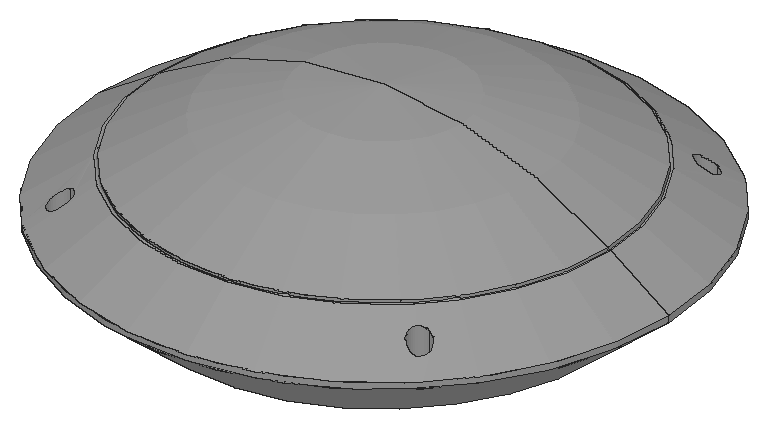
Revit family "0049287+0049343", category Lighting Fixtures, host Face, Revit 2017
Family settings
  Host = Face
  Round Connector Dimension = Use Diameter
  Part Type = Normal
  OmniClass Number = 23.80.70.00
  OmniClass Title = Lighting
  Cut with Voids When Loaded = No
  Light Source = Yes
  Shared = No
  Room Calculation Point = No
Parameters (values of type "0049287 START Surface IP66 1100lm 840 WHT")
  Weight = "4.68 kg"
  Wattage Comments = ""
  Wattage = 12 W
  WarrantyStartDate [instance] = "n/a"
  WarrantyGuarantorParts = "n/a"
  WarrantyDurationUnit = "n/a"
  WarrantyDurationParts = "n/a"
  WarrantyDescription = "n/a"
  built-in parameter 1150110 = 1 (stored number, unit not read)
  Voltage = 0 V
  URL = "http://www.sylvania-lighting.com"
  TypeName = "START Surface IP66 1100lm 840 IK10 WHT"
  Type Image = <None>
  Type Comments = "n/a"
  built-in parameter 1114217 = 1 (stored number, unit not read)
  Tilt Angle = -90.00°
  built-in parameter 1150109 = 1 (stored number, unit not read)
  built-in parameter 1150134 = 12
  built-in parameter 1150113 = 1 (stored number, unit not read)
  SerialNumber [instance] = "n/a"
  Photometric Web File = "0049287.ies"
  Material_3_SYL = LED-Sylvania-StartSurfaceIP66
  PowerFactor = 0
  PowerConsumption = "12 W"
  NominalLength = 300 mm
  NominalHeight = 90 mm
  NominalDepth = 300 mm
  Name = "START Surface IP66 1100lm 840 IK10 WHT"
  ModelReference = Name  # "START Surface IP66 1100lm 840 IK10 WHT"
  ModelNumber = "0049287"
  Model = Name  # "START Surface IP66 1100lm 840 IK10 WHT"
  Material = "pc polycarbonate housing, pc polycarbonate diffuser"
  ManufacturerName = "Feilo Sylvania"
  Manufacturer = "Feilo Sylvania"
  LuminousEfficacy = "92 lm/W"
  built-in parameter 1150105 = 87.854 (stored number, unit not read)
  Lumens = 1104 lm
  LuminaireType = ""
  built-in parameter 1150115 = 1 (stored number, unit not read)
  LightOutputRatio = "n/a"
  built-in parameter 1150137 = (empty or 0)
  built-in parameter 1150139 = (empty or 0)
  LampsType = Lamp  # "LED"
  LampNominalLuminous = "1100 lm"
  LampMacAdamStep = "n/a"
  LampColourTemperature = "4000 K"
  LampColourRenderingIndex = "80"
  built-in parameter 1150112 = 1 (stored number, unit not read)
  built-in parameter 1150114 = 1 (stored number, unit not read)
  Lamp = "LED"
  Keynote = "16500"
  InstallationDate [instance] = "n/a"
  InputVoltage = "220-240 V AC"
  InputNominalFrequency = "50/60 Hz"
  built-in parameter 1150132 = (empty or 0)
  built-in parameter 1150102 = (empty or 0)
  built-in parameter 1150107 = 4000 (stored number, unit not read)
  built-in parameter 1150138 = (empty or 0)
  IngressProtection = "IP66"
  ImpactProtectionIndex = "IK10"
  built-in parameter 1150106 = 0.87854 (stored number, unit not read)
  IfcExportType = "IfcLightFixtureType"
  IfcExportAs = "IfcLightFixtureType"
  HoleRad_SYL = 134 mm
  HoleHoleRad_SYL = 6 mm
  HoleAngle_SYL = 45.00°
  Eyelid_SYL = no
  ExpectedLife = 50000
  Emit from Circle Diameter = 200 mm
  Emit Shape Visible in Rendering = no
  ElectricShockClassification = "Class II"
  built-in parameter 1150104 = 8.5471 (stored number, unit not read)
  DurationUnit = "hours"
  DocumentationLiterature = "http://www.sylvania-lighting.com/product/en-int/products/0049287"
  DimmingControlOptions = "n/a"
  Material_2_SYL = Diffuser-Sylvania-StartSurfaceIP66
  Dimming Lamp Color Temperature Shift = <None>
  Description = "LED exterior surface mounted luminaire, 1100lm, 12W power consumption, 92lm/W efficacy, 4000K color temperature, CRI80, non-dimmable, IP66, IK10, 50,000 hours (L70), white housing, vandal resistant"
  Default Elevation = 1219.2 mm
  CreatedOn = "7/17/2019"
  CreatedBy = "@sylvania-lighting.com"
  Cost = 0
  Color Filter = 16777215
  built-in parameter 1114216 [instance] = (empty or 0)
  ClassificationValue = "EF_70_80"
  ClassificationName = "Uniclass2015"
  Material_1_SYL = Body-Sylvania-StartSurfaceIP66-White
  BarCode [instance] = "n/a"
  built-in parameter 1114218 = 1 (stored number, unit not read)
  built-in parameter 1150133 = 10 (stored number, unit not read)
  AssetType = "Fixed"
  AssetIdentifier [instance] = "n/a"
  Assembly Code = "D5020200"
  Apparent Load = 12 VA
Types (2, lengths in mm): name | Photometric Web File | Eyelid_SYL
  0049287 START Surface IP66 1100lm 840 WHT | "0049287.ies" | no
  0049287+0049343 START Surface IP66 1100lm 840 WHT + Eyelid | "0049287+0049343.ies" | yes
Reference planes
  plane 1 "Center (Front/Back)": y = 0
  plane 2: z = 0
  plane 3 "Center (Left/Right)": x = 0
  plane 4: x = 150
  plane 5: x = -150
  plane 6: z = 90
  plane 7: z = 30
  plane 8: z = 54
  plane 9: x = -113
  plane 10: x = 113
  plane 11: x = -118
  plane 12: z = 33
  plane 13: z = 51
  plane 14: z = 87
  plane 15: z = 92
  plane 16: x = -148
  plane 17: y = -13
Forms (mm)
  Revolve 1, solid, material "Diffuser-Sylvania-StartSurfaceIP66" <- "Material_2_SYL"
    sketch origin (0, 0, 0) x (1, 0, 0) y (0, 0, 1)
      loop
        arc (0, 90) -> (-61.685, 80.8) -> (-118, 54) r 211.389
        line (-118, 54) -> (-118, 51) -> (-117.081, 51)
        arc (-117.081, 51) -> (-61.245, 77.797) -> (0, 87) r 208.389
        line (0, 87) -> (0, 90)
      axis (0, 90) -> (0, 51)
    angle from 360 to 0
  Revolve 2, solid, material "Body-Sylvania-StartSurfaceIP66-White" <- "Material_1_SYL"
    sketch origin (0, 0, 0) x (1, 0, 0) y (0, 0, 1)
      loop
        line (0, 0) -> (0, 33) -> (-118, 33) -> (-118, 52.116)
        arc (-118, 52.116) -> (-118.529, 53.009) -> (-119.566, 52.973) r 1.017
        line (-119.566, 52.973) -> (-150, 33) -> (-150, 30) -> (-113, 0) -> (0, 0)
      axis (0, 52.973) -> (0, 0)
    angle from 360 to 0
  Extrusion 3, void
    sketch origin (-1534.635, -4572, 33) x (0, -1, 0) y (-1, 0, 0)
      loop
        circle (-4666.752, -1439.882) r 6
      loop
        circle (-4666.752, -1629.387) r 6
      loop
        circle (-4477.248, -1439.882) r 6
      loop
        circle (-4477.248, -1629.387) r 6
    from -18 to 0
  Revolve 4, solid, material "Body-Sylvania-StartSurfaceIP66-White" <- "Material_1_SYL", visible <- "Eyelid_SYL"
    sketch origin (0, 0, 0) x (1, 0, 0) y (0, 0, 1)
      loop
        line (0, 90) -> (0, 92)
        arc (0, 92) -> (-79.423, 77.068) -> (-148, 34.313) r 218.694
        line (-148, 34.313) -> (-118, 54)
        arc (-118, 54) -> (-61.685, 80.8) -> (0, 90) r 211.389
      axis (0, 92) -> (0, 34.313)
    angle from 360 to 0
  Extrusion 5, void
    sketch origin (-1534.635, -4572, 33) x (0, -1, 0) y (-1, 0, 0)
      loop
        line (-4367.393, -1384.635) -> (-4559, -1384.635)
        arc (-4559, -1384.635) -> (-4572, -1534.635) -> (-4559, -1684.635) r 871.885
        line (-4559, -1684.635) -> (-4367.393, -1684.635) -> (-4367.393, -1384.635)
    from -82.978 to 19.568
Cuts and joins
  Extrusion 3 cuts Revolve 2
  Extrusion 3, Extrusion 5 cuts Revolve 4
Lines and regions (mm)
  reference lines
    curve 1: line (-150, 0, 33) -> (-118, 0, 54)
    curve 2: circle (0, 0, 0) r 134 normal (0, 0, 1)
    curve 3: line (0, 0, 0) -> (-94.752, 94.752, 0)
    curve 4: line (0, 0, 0) -> (94.752, 94.752, 0)
    curve 5: line (0, 0, 0) -> (-94.752, -94.752, 0)
    curve 6: line (0, 0, 0) -> (94.752, -94.752, 0)
Dimensions and locks
  locked: plane 6 to plane 2 at 90
  plane 8 to plane 7 to plane 2 = 24 mm locked, 30 mm locked
  equal spacing: plane 4, plane 3 "Center (Left/Right)", plane 5
  locked: plane 4 to plane 5 at 300
  equal spacing: plane 10, plane 3 "Center (Left/Right)", plane 9
  locked: plane 9 to plane 5 at 37
  locked: plane 9 to plane 11 at 5
  locked: plane 12 to plane 7 at 3
  locked: plane 8 to plane 13 at 3
  locked: plane 6 to plane 14 at 3
  locked: plane 15 to plane 6 at 2
  locked: plane 16 to plane 5 at 2
  locked: plane 17 to plane 1 "Center (Front/Back)" at 13
  "HoleRad_SYL": radius of curve 2
  "HoleHoleRad_SYL": radius of Extrusion 3 sketch curve  (x4)
  "HoleAngle_SYL": angle curve 3 to plane 1 "Center (Front/Back)"
  "HoleAngle_SYL": angle plane 1 "Center (Front/Back)" to curve 4
  "HoleAngle_SYL": angle plane 1 "Center (Front/Back)" to curve 5
  "HoleAngle_SYL": angle curve 6 to plane 1 "Center (Front/Back)"
  aligned and locked: plane 2 to host face
  aligned and locked: level to host face
  aligned and locked: plane 5 to curve 1
  aligned and locked: plane 11 to curve 1
  aligned and locked: Revolve 1 sketch curve to plane 3 "Center (Left/Right)"
  aligned and locked: curve 1 to Revolve 1 sketch curve
  aligned and locked: plane 6 to Revolve 1 sketch curve
  aligned and locked: plane 3 "Center (Left/Right)" to Revolve 1 sketch curve  (x2)
  aligned and locked: plane 11 to Revolve 1 sketch curve  (x2)
  aligned and locked: plane 13 to Revolve 1 sketch curve  (x2)
  aligned and locked: plane 14 to Revolve 1 sketch curve
  aligned and locked: Revolve 2 sketch curve to plane 3 "Center (Left/Right)"  (x2)
  aligned and locked: level to Revolve 2 sketch curve
  aligned and locked: plane 5 to Revolve 2 sketch curve
  aligned and locked: Revolve 2 sketch curve to curve 1
  aligned and locked: plane 3 "Center (Left/Right)" to curve 3
  aligned and locked: plane 13 to Extrusion 3
  aligned and locked: Extrusion 3 to plane 12
  aligned and locked: Revolve 2 sketch curve to plane 12
  aligned and locked: Revolve 4 sketch curve to plane 3 "Center (Left/Right)"  (x2)
  aligned and locked: Revolve 1 to Revolve 4 sketch curve
  aligned and locked: Revolve 4 sketch curve to curve 1
  aligned and locked: plane 11 to Revolve 4 sketch curve
  aligned and locked: plane 16 to Revolve 4 sketch curve
  aligned and locked: plane 15 to Revolve 4 sketch curve
  aligned and locked: plane 4 to Extrusion 5
  aligned and locked: Extrusion 5 to plane 5
  aligned and locked: plane 3 "Center (Left/Right)" to imposter light
  aligned and locked: imposter light to plane 1 "Center (Front/Back)"
  aligned and locked: plane 8 to imposter light
Automatic sketch dimensions
  host sketch curve to host sketch curve = 600 mm  (x2)
  curve 1 to plane 8 = 0 mm
  curve 1 to plane 12 = 0 mm
  Revolve 1 sketch curve to Revolve 1 sketch curve = 0 mm
  Revolve 1 sketch curve to Revolve 1 sketch curve = 488.211 mm
  Revolve 1 sketch curve to Revolve 1 sketch curve = 2519.058 mm
  plane 1 "Center (Front/Back)" to curve 2 = 0 mm
  curve 2 to plane 3 "Center (Left/Right)" = 0 mm
  plane 1 "Center (Front/Back)" to curve 4 = 0 mm
  Extrusion 3 sketch curve to plane 10 = 18.248 mm  (x2)
  Extrusion 3 sketch curve to plane 1 "Center (Front/Back)" = 94.752 mm  (x2)
  plane 9 to Extrusion 3 sketch curve = 18.248 mm  (x2)
  plane 1 "Center (Front/Back)" to Extrusion 3 sketch curve = 94.752 mm  (x2)
  Revolve 2 sketch curve to plane 9 = 0 mm
  Revolve 2 sketch curve to plane 7 = 0 mm
  Revolve 2 sketch curve to plane 8 = 1.027 mm
  Revolve 2 sketch curve to Revolve 2 sketch curve = 0.549 mm
  Revolve 2 sketch curve to level = 609.6 mm
  plane 6 to Revolve 2 sketch curve = 2519.058 mm
  Revolve 2 sketch curve to plane 11 = 0 mm
  Revolve 4 sketch curve to plane 6 = 0 mm
  Revolve 4 sketch curve to Revolve 4 sketch curve = 482.906 mm
  Revolve 4 sketch curve to Revolve 4 sketch curve = 2517.058 mm
  Extrusion 5 sketch curve to plane 5 = 0 mm
  Extrusion 5 sketch curve to plane 4 = 0 mm
  plane 17 to Extrusion 5 sketch curve = 191.607 mm
  Extrusion 5 sketch curve to Extrusion 5 sketch curve = 667.277 mm
  plane 17 to Extrusion 5 sketch curve = 0 mm  (x2)
Connectors
  electrical at (0, 0, 0), driven by "Apparent Load", driven by "PowerFactor", driven by "Voltage"
    settings: index 1, voltage 0 V, apparent load 12 VA, apparent load phase1 0 VA, apparent load phase2 0 VA, apparent load phase3 0 VA, power factor 0, load classification "Lighting", number of poles 1, system type 30, power factor state 1, is connector primary yes, connector utility no, sub classification motor no, connector description ""
